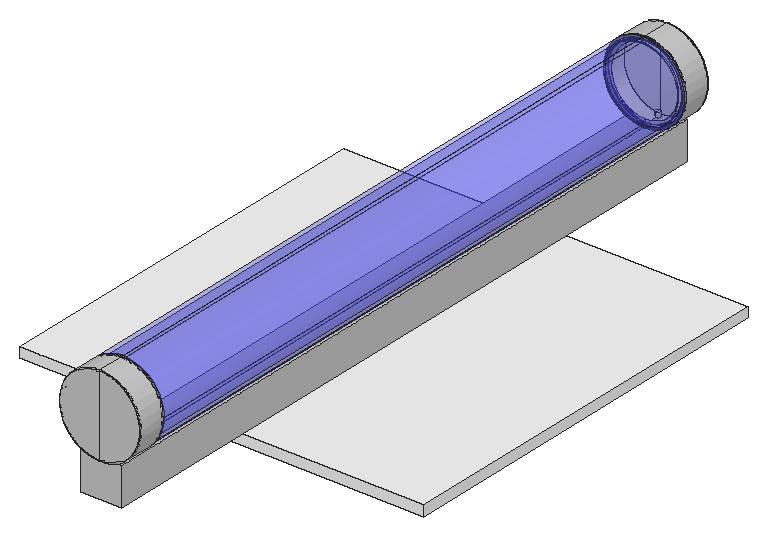
Revit family "BE_24592_de_DE", category Leuchten, Revit 2015
Parameters (values of type "BEGA_24592_Silber_K4")
  built-in parameter 1150104 = 14.01 (stored number, unit not read)
  Wattage = 23.6 W
  Default Elevation = 0 mm
  built-in parameter 1150113 = 1 (stored number, unit not read)
  built-in parameter 1114218 = 1 (stored number, unit not read)
  Umgebungstemperatur = "25 °C"
  URL = "http://www.bega.de/produkt/24592"
  Typenkommentare = "© 2017 BEGA. Wir behalten uns das Recht vor, technische Änderungen ohne vorherige Ankündigung vorzunehmen."  # constant formula
  Type Image = 24592.png
  built-in parameter 1150134 = 12
  built-in parameter 1150109 = 1 (stored number, unit not read)
  Strom = ""
  built-in parameter 1150110 = 1 (stored number, unit not read)
  Spannung = 239.996 V
  Sonderanfertigung = no
  Seriennummer [instance] = "Hier können Sie die eindeutige Seriennummer für das Facility Management eintragen."
  Schutzklasse = "I"
  Schutzart = "IP 65"
  Scheinlast = 0 VA
  Produktdatenblatt = "http://www.bega.de/download/Xrfa/db/24592.db.de.pdf"
  Oberflächentemperatur = ""
  Neigungswinkel = 0.00°
  Modell = "24592AK4"
  Material_18 = BEGA_Gummi_schwarz
  Material_17 = BEGA_Reflektor
  Material_15 = BEGA_Leuchtmedium_matt
  Material_11 = BEGA_Glas_opal
  Material_09 = BEGA_Glas_klar
  Material_06 = BEGA_Oberfläche_Edelstahl_gebürstet
  Material_05 = BEGA_Oberfläche_Aluminium Guss
  Material_03 = BEGA_Oberfläche_Weiss_matt
  Material_02 = BEGA_Oberfläche_Silber_matt
  Material_01 [instance] = BEGA_Oberfläche_Grafit_matt
  M_W = no
  M_G = no
  M_A = yes
  Logo = 0
  built-in parameter 1114217 = 1 (stored number, unit not read)
  built-in parameter 1150139 = (empty or 0)
  built-in parameter 1150105 = 283.21 (stored number, unit not read)
  built-in parameter 1150114 = 1 (stored number, unit not read)
  Lumens = 3558.88 lm
  built-in parameter 1150115 = 1 (stored number, unit not read)
  Leuchtenlichtstrom = "2896 lm"
  Leuchtenanzahl = ""
  Lebensdauerkriterien = "L70B50 @ 25 °C = 225000 h"
  Lastklassifizierung = Beleuchtung
  built-in parameter 1150112 = 1 (stored number, unit not read)
  Lampenlichtstrom = "3560 lm"
  Lampe = "LED 23.6 W"
  LED_Modulbezeichnung = "4x LED-0627/840"
  built-in parameter 1150142 = (empty or 0)
  Hersteller = "BEGA"  # constant formula
  Halbstreuwinkel = ""
  Gewicht = ""
  Gebrauchslageneinschränkung [instance] = ""
  Frequenz = "0/50-60 Hz"
  Farbwiedergabeindex = "Ra > 80"
  Farbtemperaturverschiebung bei Dämpfen der Lampe = <Keine Auswahl>
  Farbtemperatur = "4000 K"
  Color Filter = 16777215
  built-in parameter 1150133 = 10 (stored number, unit not read)
  Energieeffizienzklasse = "LED A++ - A"
  built-in parameter 1150137 = (empty or 0)
  built-in parameter 1150132 = (empty or 0)
  ENEC = ""
  Dimmbar [instance] = "DALI"
  Datei für fotometrisches Netz = "BE_24592K4.IES"
  CE_Konformität = "ja"
  Bestellnummer = "24592AK4"
  Beschreibung_Sonderanfertigung = "Hier können Sie Informationen zur Sonderanfertigung eintragen."
  Beschreibung = "Wandleuchte"
  built-in parameter 1150106 = 2.8321 (stored number, unit not read)
  Befestigungsbohrung = "Ø 6 mm"
  Befestigungsabstand = "400 mm"
  Ballwurfsicher = ""
  BEGA_Intern_aus = yes
  BEGA_Intern_an = yes
  BEGA_Intern_Konstruktion = yes
  BEGA_Intern = yes
  BEGA_IES = yes
  BEGA_Dummy = no
  Anschlussleitung = ""
  Anschlussleistung [instance] = "27.5 W"
  Anschlusskasten = ""
  built-in parameter 1150107 = 4000 (stored number, unit not read)
  built-in parameter 1150102 = (empty or 0)
  built-in parameter 1150138 = (empty or 0)
  Aktualisierung = "2017-06-26T04:08:37"
  Abstand_zur_angestrahlten_Fläche [instance] = ""
  AC/DC = "AC/DC"
Types (4, lengths in mm): name | built-in parameter 1150134 | Modell | M_G | M_A | LED_Modulbezeichnung | Farbtemperatur | Datei für fotometrisches Netz | Bestellnummer | built-in parameter 1150107
  BEGA_24592_Silber_K4 | 12 | "24592AK4" | no | yes | "4x LED-0627/840" | "4000 K" | "BE_24592K4.IES" | "24592AK4" | 4000 (stored number, unit not read)
  BEGA_24592_Grafit_K4 | 12 | "24592K4" | yes | no | "4x LED-0627/840" | "4000 K" | "BE_24592K4.IES" | "24592K4" | 4000 (stored number, unit not read)
  BEGA_24592_Grafit_K3 | (empty or 0) | "24592" | yes | no | "4x LED-0627/830" | "3000 K" | "BE_24592.IES" | "24592" | 3000 (stored number, unit not read)
  BEGA_24592_Silber_K3 | (empty or 0) | "24592A" | no | yes | "4x LED-0627/830" | "3000 K" | "BE_24592.IES" | "24592A" | 3000 (stored number, unit not read)
Reference planes
  plane 1 "Mitte (Vorne/Hinten)": y = 0
  plane 2: z = 0
  plane 3 "Mitte (Links/Rechts)": x = 0
  plane 4 "Links": x = -40.25
  plane 5 "Rechts": x = 40.25
  plane 6 "Unten": y = -351.029
  plane 7 "Oben": y = 350.971
  plane 8 "Vorne": z = 115.538
  plane 9 "Hinten": z = 0
Forms (mm)
  Extrusion 1, solid, material "BEGA_Platte_Weiss"
    sketch origin (0, -1119.2, 0) x (1, 0, 0) y (0, 1, 0)
      loop
        line (-200, 1319.2) -> (-200, 919.2) -> (200, 919.2) -> (200, 1319.2) -> (-200, 1319.2)
    from 0 to -10
  Extrusion 2, solid, material "BEGA_Dummy_matt", visible <- "BEGA_Dummy"
    sketch origin (80.095, -76.023, 0) x (1, 0, 0) y (0, 1, 0)
      loop
        line (-120.345, 426.994) -> (-120.345, -275.006) -> (-39.845, -275.006) -> (-39.845, 426.994) -> (-120.345, 426.994)
    from 0 to 115.538
Dimensions and locks
  plane 1 "Mitte (Vorne/Hinten)" to Extrusion 1 = 200 mm
  aligned and locked: plane 2 to Extrusion 1
  aligned and locked: level to Extrusion 1
Nested families
  nested 1: "BE_24592" at (0, 0, 0) x (0, -1, 0) z (0, 0, 1), type "BE_24592"
Connectors
  electrical at (0, 0, 0), driven by "Lastklassifizierung", driven by "Spannung", driven by "Scheinlast"
    settings: index 1, voltage 239.996 V, apparent load 0 VA, apparent load phase1 0 VA, apparent load phase2 0 VA, apparent load phase3 0 VA, power factor 1, load classification "Beleuchtung", number of poles 1, system type 31, power factor state 1, is connector primary yes, connector utility no, sub classification motor no, connector description ""
Definition of nested family "BE_24592"
  Parameters (values of type "BE_24592")
    Default Elevation = 1 mm
    URL = "http://www.bega.de/de/produkt"
    Type Comments = "© 2015 BEGA. Wir behalten uns das Recht vor, technische Änderungen ohne vorherige Ankündigung vorzunehmen. "  # constant formula
    Type Image = (empty or 0)
    Neigungswinkel_um_Z2 = 0.00°
    Neigungswinkel_um_Z1 = 0.00°
    Neigungswinkel_um_Y2 = 0.00°
    Neigungswinkel_um_Y1 = 0.00°
    Neigungswinkel_um_X2 = 0.00°
    Neigungswinkel_um_X1 = 0.00°
    Material_18 = none
    Material_17 = none
    Material_15 = none
    Material_11 = none
    Material_09 = none
    Material_06 = none
    Material_05 = none
    Material_02 = none
    Material_01 = none
    M_W = yes
    M_G = yes
    M_A = yes
    Länge_Platte = 800 mm  # constant formula
    Höhe_Platte = -10 mm  # constant formula
    Manufacturer = "BEGA"  # constant formula
    Drehwinkel_um_Z2 = 0.00°
    Drehwinkel_um_Z1 = 0.00°
    Breite_Platte = 200 mm  # constant formula
  Reference planes
    plane 1 "Mitte (Oben/Unten)": y = 0
    plane 2: z = 0
    plane 3 "Mitte (Links/Rechts)": x = 0
    plane 4: y = 40.25
    plane 5: y = -40.25
    plane 6: z = 115.538
    plane 7: x = -350.971
    plane 8: x = 351.029
  Forms (mm)
    Extrusion 1, solid, detail levels medium
      sketch origin (0, 0, 0) x (1, 0, 0) y (0, 1, 0)
        loop
          line (-400, 100) -> (-400, -100) -> (400, -100) -> (400, 100) -> (-400, 100)
      from 0 to -10 <- "Höhe_Platte"
    Extrusion 2, solid, material <- "Material_01", visible <- "M_G", detail levels medium+fine
      sketch origin (0, 0, 0) x (0, 1, 0) y (0, 0, 1)
        loop
          line (20, 37.539) -> (18.186, 39.353)
          arc (18.186, 39.353) -> (0, 35.01) -> (-18.186, 39.353) r 40.25
          line (-18.186, 39.353) -> (-20, 37.539) -> (-20, 0) -> (-17.5, 0) -> (-17.5, 32) -> (17.5, 32) -> (17.5, 0) -> (20, 0) -> (20, 37.539)
      from -348.971 to 349.029
    Extrusion 3, void
      sketch origin (0, 0, 0) x (0, 1, 0) y (0, 0, 1)
        loop
          line (5, 25.9) -> (5, 31.6) -> (3, 31.6) -> (3, 40.21) -> (-3, 40.21) -> (-3, 31.6) -> (-5, 31.6) -> (-5, 25.9) -> (5, 25.9)
      from -349.576 to -333.659
    Extrusion 4, solid, material <- "Material_01", visible <- "M_G", detail levels medium+fine
      sketch origin (0, 0, 0) x (0, 1, 0) y (0, 0, 1)
        loop
          line (17.5, 0) -> (17.5, 32) -> (-17.5, 32) -> (-17.5, 0) -> (17.5, 0)
      from -348.971 to -345.971
    Extrusion 5, solid, material <- "Material_01", visible <- "M_G", detail levels medium+fine
      sketch origin (0, 0, 0) x (0, 1, 0) y (0, 0, -1)
        loop
          line (17.5, 0) -> (-17.5, 0) -> (-17.5, -32) -> (17.5, -32) -> (17.5, 0)
      from -349.029 to -346
    Revolve 6, solid, material <- "Material_01", visible <- "M_G", detail levels medium+fine
      sketch origin (0, 0, 0) x (1, 0, 0) y (0, 0, 1)
        loop
          line (350.529, 115.538) -> (323.829, 115.538) -> (325.128, 113.288) -> (347.031, 113.288)
          arc (347.031, 113.288) -> (347.853, 113.112) -> (348.529, 112.614) r 2
          line (348.529, 112.614) -> (348.529, 75.288) -> (351.029, 75.288) -> (351.029, 115.038)
          arc (351.029, 115.038) -> (350.882, 115.392) -> (350.529, 115.538) r 0.5
        axis (323.829, 75.288) -> (351.029, 75.288)
      angle from 0 to 360
    Revolve 7, solid, material <- "Material_18", detail levels medium+fine
      sketch origin (0, 0, 0) x (1, 0, 0) y (0, 0, 1)
        loop
          line (322.033, 115.521) -> (322.033, 113.604) -> (325.273, 113.604) -> (324.166, 115.521) -> (322.033, 115.521)
        axis (322.033, 75.26) -> (325.273, 75.26)
      angle from 0 to 360
    Revolve 8, solid, material <- "Material_18", detail levels medium+fine
      sketch origin (-0.044, 0, 0) x (-1, 0, 0) y (0, 0, -1)
        loop
          line (323.756, -115.488) -> (324.863, -113.57) -> (321.956, -113.57) -> (321.956, -115.488) -> (323.756, -115.488)
        axis (321.956, -75.26) -> (324.863, -75.26)
      angle from 0 to 360
    Revolve 9, solid, material <- "Material_01", visible <- "M_G", detail levels medium+fine
      sketch origin (0, 0, 0) x (-1, 0, 0) y (0, 0, -1)
        loop
          arc (350.471, -115.538) -> (350.825, -115.392) -> (350.971, -115.038) r 0.5
          line (350.971, -115.038) -> (350.971, -75.288) -> (342.971, -75.288) -> (342.971, -112.621) -> (325.07, -112.621) -> (323.771, -115.538) -> (350.471, -115.538)
        axis (323.771, -75.288) -> (350.971, -75.288)
      angle from 0 to 360
    Extrusion 10, void
      sketch origin (3.871, 0, 0) x (1, 0, 0) y (0, 1, 0)
        loop
          arc (-254, -3) -> (-251, 0) -> (-254, 3) r 3
          line (-254, 3) -> (-263.39, 3)
          arc (-263.39, 3) -> (-273.5, 0) -> (-263.39, -3) r 5.5
          line (-263.39, -3) -> (-254, -3)
        loop
          arc (146, -3) -> (149, 0) -> (146, 3) r 3
          line (146, 3) -> (136.61, 3)
          arc (136.61, 3) -> (126.5, 0) -> (136.61, -3) r 5.5
          line (136.61, -3) -> (146, -3)
      from 0 to 6.51
    Extrusion 11, solid, material <- "Material_01", visible <- "M_G", detail levels medium+fine
      sketch origin (5.029, 0, 0) x (1, 0, 0) y (0, 0, 1)
        loop
          line (-279, 3) -> (-279, 0) -> (-245, 0) -> (-245, 3) -> (-279, 3)
        loop
          line (121, 3) -> (121, 0) -> (155, 0) -> (155, 3) -> (121, 3)
      from -17.994 to 18.5
    Revolve 12, solid, material <- "Material_06", detail levels fine
      sketch origin (0, 0, 0) x (1, 0, 0) y (0, 0, 1)
        loop
          line (-341.221, 42.072) -> (-341.221, 32.022) -> (-342.721, 32.022)
          arc (-342.721, 32.022) -> (-343.075, 31.876) -> (-343.221, 31.522) r 0.5
          line (-343.221, 31.522) -> (-343.221, 29.022)
          arc (-343.221, 29.022) -> (-343.075, 28.669) -> (-342.721, 28.522) r 0.5
          line (-342.721, 28.522) -> (-338.971, 28.522) -> (-338.971, 42.072) -> (-341.221, 42.072)
        axis (-338.971, 28.522) -> (-338.971, 42.072)
      angle from 0 to 360
    Revolve 13, solid, material <- "Material_11", detail levels medium+fine
      sketch origin (0, 0, 0) x (1, 0, 0) y (0, 0, 1)
        loop
          line (322, 115.288) -> (-322, 115.288) -> (-322, 113.288)
          arc (-322, 113.288) -> (-322.469, 112.096) -> (-323.625, 111.542) r 1.75
          line (-323.625, 111.542) -> (-323.625, 108.54)
          arc (-323.625, 108.54) -> (-321, 109.415) -> (-319.308, 111.604) r 4.75
          arc (-319.308, 111.604) -> (-318.944, 112.099) -> (-318.36, 112.288) r 1
          line (-318.36, 112.288) -> (318.345, 112.288)
          arc (318.345, 112.288) -> (318.916, 112.109) -> (319.283, 111.636) r 1
          arc (319.283, 111.636) -> (320.973, 109.425) -> (323.611, 108.54) r 4.75
          line (323.611, 108.54) -> (323.611, 111.542)
          arc (323.611, 111.542) -> (322.532, 112.018) -> (322, 113.071) r 1.75
          line (322, 113.071) -> (322, 115.288)
        axis (-323.625, 75.26) -> (323.611, 75.26)
      angle from 0 to 360
    Revolve 14, solid, material <- "Material_06", detail levels fine
      sketch origin (0, 0, 0) x (1, 0, 0) y (0, 0, 1)
        loop
          line (-351.221, 84.038) -> (-351.221, 75.288) -> (-347.936, 75.288) -> (-347.936, 85.038) -> (-350.221, 85.038) -> (-351.221, 84.038)
        axis (-347.936, 75.288) -> (-351.221, 75.288)
      angle from 0 to 360
    Extrusion 15, solid, material <- "Material_02", visible <- "M_A", detail levels medium+fine
      sketch origin (0, 0, 0) x (0, 1, 0) y (0, 0, 1)
        loop
          line (20, 37.539) -> (18.186, 39.353)
          arc (18.186, 39.353) -> (0, 35.01) -> (-18.186, 39.353) r 40.25
          line (-18.186, 39.353) -> (-20, 37.539) -> (-20, 0) -> (-17.5, 0) -> (-17.5, 32) -> (17.5, 32) -> (17.5, 0) -> (20, 0) -> (20, 37.539)
      from -348.971 to 349.029
    Extrusion 16, solid, material <- "Material_02", visible <- "M_A", detail levels medium+fine
      sketch origin (0, 0, 0) x (0, 1, 0) y (0, 0, 1)
        loop
          line (17.5, 0) -> (17.5, 32) -> (-17.5, 32) -> (-17.5, 0) -> (17.5, 0)
      from -348.971 to -345.971
    Extrusion 17, solid, material <- "Material_02", visible <- "M_A", detail levels medium+fine
      sketch origin (0, 0, 0) x (0, 1, 0) y (0, 0, -1)
        loop
          line (17.5, 0) -> (-17.5, 0) -> (-17.5, -32) -> (17.5, -32) -> (17.5, 0)
      from -349.029 to -346
    Revolve 18, solid, material <- "Material_02", visible <- "M_A", detail levels medium+fine
      sketch origin (0, 0, 0) x (1, 0, 0) y (0, 0, 1)
        loop
          line (350.529, 115.538) -> (323.829, 115.538) -> (325.128, 113.288) -> (347.031, 113.288)
          arc (347.031, 113.288) -> (347.853, 113.112) -> (348.529, 112.614) r 2
          line (348.529, 112.614) -> (348.529, 75.288) -> (351.029, 75.288) -> (351.029, 115.038)
          arc (351.029, 115.038) -> (350.882, 115.392) -> (350.529, 115.538) r 0.5
        axis (323.829, 75.288) -> (351.029, 75.288)
      angle from 0 to 360
    Revolve 19, solid, material <- "Material_02", visible <- "M_A", detail levels medium+fine
      sketch origin (0, 0, 0) x (-1, 0, 0) y (0, 0, -1)
        loop
          arc (350.471, -115.538) -> (350.825, -115.392) -> (350.971, -115.038) r 0.5
          line (350.971, -115.038) -> (350.971, -75.288) -> (342.971, -75.288) -> (342.971, -112.621) -> (325.07, -112.621) -> (323.771, -115.538) -> (350.471, -115.538)
        axis (323.771, -75.288) -> (350.971, -75.288)
      angle from 0 to 360
    Extrusion 20, solid, material <- "Material_02", visible <- "M_A", detail levels medium+fine
      sketch origin (75.029, 0, 0) x (1, 0, 0) y (0, 0, 1)
        loop
          line (-349, 3) -> (-349, 0) -> (-315, 0) -> (-315, 3) -> (-349, 3)
        loop
          line (51, 3) -> (51, 0) -> (85, 0) -> (85, 3) -> (51, 3)
      from -17.994 to 18.5
    Revolve 21, void
      sketch origin (0, 0, 0) x (1, 0, 0) y (0, 0, 1)
        loop
          line (-351.925, 85.288) -> (-351.925, 75.288) -> (-347.936, 75.288) -> (-347.936, 85.288) -> (-351.925, 85.288)
        axis (-351.925, 75.288) -> (-347.936, 75.288)
      angle from 0 to 360
  Cuts and joins
    Extrusion 3, Extrusion 10 cuts Extrusion 2
    Extrusion 3, Extrusion 10 cuts Extrusion 4
    Extrusion 10 cuts Extrusion 5
    Extrusion 10 cuts Extrusion 11
    joined: Extrusion 2, Extrusion 4, Extrusion 5, Extrusion 11
    Revolve 21 cuts Revolve 9
    Revolve 21 cuts Revolve 19
    Extrusion 3 cuts Extrusion 15
    Extrusion 3 cuts Extrusion 16
    Extrusion 3 cuts Extrusion 17
    Extrusion 3, Extrusion 10 cuts Extrusion 20
    joined: Extrusion 15, Extrusion 16, Extrusion 17, Extrusion 20
  Dimensions and locks
    equal spacing: Extrusion 1 sketch curve, plane 3 "Mitte (Links/Rechts)", Extrusion 1 sketch curve
    equal spacing: Extrusion 1 sketch curve, plane 1 "Mitte (Oben/Unten)", Extrusion 1 sketch curve
    "Länge_Platte": Extrusion 1 sketch curve to Extrusion 1 sketch curve
    "Breite_Platte": Extrusion 1 sketch curve to Extrusion 1 sketch curve
    aligned and locked: Extrusion 1 to plane 2
    aligned and locked: level to Extrusion 1
  Automatic sketch dimensions
    Extrusion 2 sketch curve to level = 0 mm  (x2)
    Extrusion 2 sketch curve to plane 1 "Mitte (Oben/Unten)" = 0 mm
    plane 1 "Mitte (Oben/Unten)" to Extrusion 2 sketch curve = 17.5 mm
    Extrusion 2 sketch curve to Extrusion 2 sketch curve = 0.686 mm  (x2)
    Extrusion 2 sketch curve to Extrusion 2 sketch curve = 1.814 mm  (x2)
    Extrusion 2 sketch curve to plane 1 "Mitte (Oben/Unten)" = 17.5 mm
    Extrusion 2 sketch curve to Extrusion 2 sketch curve = 2.5 mm
    Extrusion 2 sketch curve to Extrusion 2 sketch curve = 32 mm
    Extrusion 2 sketch curve to Extrusion 2 sketch curve = 5.539 mm  (x2)
    Extrusion 2 sketch curve to Extrusion 2 sketch curve = 35.907 mm
    plane 1 "Mitte (Oben/Unten)" to Extrusion 3 sketch curve = 5 mm
    Extrusion 3 sketch curve to Extrusion 3 sketch curve = 2 mm  (x2)
    Extrusion 3 sketch curve to plane 1 "Mitte (Oben/Unten)" = 3 mm
    level to Extrusion 3 sketch curve = 25.9 mm
    Extrusion 3 sketch curve to Extrusion 3 sketch curve = 5.7 mm
    Extrusion 3 sketch curve to Extrusion 3 sketch curve = 0 mm
    Extrusion 3 sketch curve to Extrusion 3 sketch curve = 8.61 mm
    Extrusion 4 sketch curve to level = 0 mm
    plane 1 "Mitte (Oben/Unten)" to Extrusion 4 sketch curve = 17.5 mm
    Extrusion 4 sketch curve to plane 1 "Mitte (Oben/Unten)" = 17.5 mm
    Extrusion 4 sketch curve to Extrusion 4 sketch curve = 32 mm
    Extrusion 5 sketch curve to level = 0 mm
    plane 1 "Mitte (Oben/Unten)" to Extrusion 5 sketch curve = 17.5 mm
    Extrusion 5 sketch curve to plane 1 "Mitte (Oben/Unten)" = 17.5 mm
    level to Extrusion 5 sketch curve = 32 mm
    Revolve 6 sketch curve to Revolve 6 sketch curve = 1.299 mm
    Revolve 6 sketch curve to Revolve 6 sketch curve = 21.903 mm
    Revolve 6 sketch curve to Revolve 6 sketch curve = 1.498 mm
    Revolve 6 sketch curve to Revolve 6 sketch curve = 2 mm
    Revolve 6 sketch curve to Revolve 6 sketch curve = 2.5 mm
    level to Revolve 6 sketch curve = 75.288 mm
    Revolve 6 sketch curve to Revolve 6 sketch curve = 36 mm
    Revolve 6 sketch curve to Revolve 6 sketch curve = 1.326 mm
    Revolve 6 sketch curve to Revolve 6 sketch curve = 2.424 mm
    Revolve 6 sketch curve to Revolve 6 sketch curve = 0 mm  (x3)
    Extrusion 11 sketch curve to level = 0 mm  (x2)
    Extrusion 11 sketch curve to Extrusion 11 sketch curve = 34 mm  (x2)
    level to Extrusion 11 sketch curve = 3 mm  (x2)
    plane 3 "Mitte (Links/Rechts)" to Extrusion 11 sketch curve = 126.029 mm
    Revolve 12 sketch curve to Revolve 12 sketch curve = 0.5 mm  (x2)
    Revolve 12 sketch curve to Revolve 12 sketch curve = 1.5 mm
    Revolve 12 sketch curve to Revolve 12 sketch curve = 2.25 mm
    level to Revolve 12 sketch curve = 28.522 mm
    Revolve 12 sketch curve to Revolve 12 sketch curve = 2.5 mm
    Revolve 12 sketch curve to Revolve 12 sketch curve = 10.05 mm
    Revolve 12 sketch curve to Revolve 12 sketch curve = 0 mm  (x2)
    Revolve 12 sketch curve to Revolve 12 sketch curve = 0.3 mm
    Revolve 13 sketch curve to Revolve 13 sketch curve = 0 mm  (x8)
    Revolve 13 sketch curve to Revolve 13 sketch curve = 0.125 mm  (x2)
    Revolve 13 sketch curve to Revolve 13 sketch curve = 1.75 mm
    Revolve 13 sketch curve to Revolve 13 sketch curve = 3.64 mm
    Revolve 13 sketch curve to Revolve 13 sketch curve = 3.655 mm
    Revolve 13 sketch curve to Revolve 13 sketch curve = 1.611 mm
    Revolve 13 sketch curve to Revolve 13 sketch curve = 2.748 mm  (x2)
    Revolve 13 sketch curve to Revolve 13 sketch curve = 3.003 mm  (x2)
    Revolve 13 sketch curve to Revolve 13 sketch curve = 1 mm
    Revolve 13 sketch curve to Revolve 13 sketch curve = 1.528 mm
    Revolve 13 sketch curve to Revolve 13 sketch curve = 1.746 mm
    Revolve 13 sketch curve to Revolve 13 sketch curve = 2 mm
    Revolve 13 sketch curve to Revolve 13 sketch curve = 0.938 mm
    Revolve 13 sketch curve to Revolve 13 sketch curve = 72.611 mm
    Revolve 13 sketch curve to Revolve 13 sketch curve = 16.142 mm
    Revolve 13 sketch curve to Revolve 13 sketch curve = 33.28 mm
    Revolve 9 sketch curve to Revolve 9 sketch curve = 1.299 mm
    Revolve 9 sketch curve to Revolve 9 sketch curve = 17.901 mm
    Revolve 9 sketch curve to Revolve 9 sketch curve = 8 mm
    Revolve 9 sketch curve to Revolve 9 sketch curve = 2.917 mm
    Revolve 9 sketch curve to Revolve 9 sketch curve = 2.5 mm
    Revolve 9 sketch curve to Revolve 9 sketch curve = 0 mm  (x2)
    Revolve 9 sketch curve to Revolve 9 sketch curve = 0.5 mm
    Revolve 9 sketch curve to Revolve 9 sketch curve = 37.333 mm
    Revolve 9 sketch curve to plane 3 "Mitte (Links/Rechts)" = 323.771 mm
    Extrusion 11 sketch curve to plane 3 "Mitte (Links/Rechts)" = 239.971 mm
    Revolve 12 sketch curve to plane 3 "Mitte (Links/Rechts)" = 343.221 mm
    Revolve 13 sketch curve to plane 3 "Mitte (Links/Rechts)" = 318.36 mm
    plane 3 "Mitte (Links/Rechts)" to Revolve 6 sketch curve = 323.829 mm
    plane 3 "Mitte (Links/Rechts)" to Revolve 13 sketch curve = 318.345 mm
    Revolve 13 sketch curve to Revolve 13 sketch curve = 3.748 mm
    Extrusion 15 sketch curve to level = 0 mm  (x2)
    Extrusion 15 sketch curve to plane 1 "Mitte (Oben/Unten)" = 0 mm
    plane 1 "Mitte (Oben/Unten)" to Extrusion 15 sketch curve = 17.5 mm
    Extrusion 15 sketch curve to Extrusion 15 sketch curve = 0.686 mm  (x2)
    Extrusion 15 sketch curve to Extrusion 15 sketch curve = 1.814 mm  (x2)
    Extrusion 15 sketch curve to plane 1 "Mitte (Oben/Unten)" = 17.5 mm
    Extrusion 15 sketch curve to Extrusion 15 sketch curve = 2.5 mm
    Extrusion 15 sketch curve to Extrusion 15 sketch curve = 32 mm
    Extrusion 15 sketch curve to Extrusion 15 sketch curve = 5.539 mm  (x2)
    Extrusion 15 sketch curve to Extrusion 15 sketch curve = 35.907 mm
    Extrusion 16 sketch curve to level = 0 mm
    plane 1 "Mitte (Oben/Unten)" to Extrusion 16 sketch curve = 17.5 mm
    Extrusion 16 sketch curve to plane 1 "Mitte (Oben/Unten)" = 17.5 mm
    Extrusion 16 sketch curve to Extrusion 16 sketch curve = 32 mm
    Extrusion 17 sketch curve to level = 0 mm
    plane 1 "Mitte (Oben/Unten)" to Extrusion 17 sketch curve = 17.5 mm
    Extrusion 17 sketch curve to plane 1 "Mitte (Oben/Unten)" = 17.5 mm
    level to Extrusion 17 sketch curve = 32 mm
    Revolve 18 sketch curve to Revolve 18 sketch curve = 1.498 mm
    Revolve 18 sketch curve to Revolve 18 sketch curve = 21.903 mm
    Revolve 18 sketch curve to Revolve 18 sketch curve = 1.299 mm
    Revolve 18 sketch curve to Revolve 18 sketch curve = 0.674 mm
    Revolve 18 sketch curve to Revolve 18 sketch curve = 36 mm
    Revolve 18 sketch curve to Revolve 18 sketch curve = 0 mm  (x3)
    Revolve 19 sketch curve to Revolve 19 sketch curve = 17.901 mm
    Revolve 19 sketch curve to Revolve 19 sketch curve = 1.299 mm
    Revolve 19 sketch curve to Revolve 19 sketch curve = 37.333 mm
    Revolve 19 sketch curve to Revolve 19 sketch curve = 0 mm  (x2)
    Extrusion 20 sketch curve to level = 0 mm  (x2)
    Extrusion 20 sketch curve to Extrusion 20 sketch curve = 34 mm  (x2)
    level to Extrusion 20 sketch curve = 3 mm
    plane 3 "Mitte (Links/Rechts)" to Extrusion 20 sketch curve = 126.029 mm
    Extrusion 20 sketch curve to Extrusion 20 sketch curve = 3 mm
    Revolve 8 sketch curve to Revolve 8 sketch curve = 1.8 mm
    Revolve 8 sketch curve to Revolve 8 sketch curve = 1.107 mm
    Revolve 8 sketch curve to Revolve 8 sketch curve = 38.31 mm
    Revolve 7 sketch curve to Revolve 7 sketch curve = 2.133 mm
    Revolve 7 sketch curve to Revolve 7 sketch curve = 1.107 mm
    Revolve 7 sketch curve to Revolve 7 sketch curve = 1.918 mm
    plane 1 "Mitte (Oben/Unten)" to Extrusion 10 sketch curve = 0 mm  (x4)
    Extrusion 10 sketch curve to Extrusion 10 sketch curve = 4.61 mm  (x2)
    plane 1 "Mitte (Oben/Unten)" to Extrusion 10 sketch curve = 3 mm  (x2)
    Extrusion 10 sketch curve to Extrusion 10 sketch curve = 9.39 mm  (x2)
    plane 3 "Mitte (Links/Rechts)" to Extrusion 10 sketch curve = 135.871 mm
    Revolve 8 sketch curve to plane 3 "Mitte (Links/Rechts)" = 322 mm
    Revolve 8 sketch curve to Revolve 8 sketch curve = 62.332 mm
    Revolve 8 sketch curve to Revolve 8 sketch curve = 8.624 mm
    Extrusion 10 sketch curve to plane 3 "Mitte (Links/Rechts)" = 250.129 mm
    Revolve 19 sketch curve to plane 3 "Mitte (Links/Rechts)" = 323.771 mm
    Revolve 19 sketch curve to Revolve 19 sketch curve = 7.5 mm
    Revolve 19 sketch curve to Revolve 19 sketch curve = 2.5 mm
    Extrusion 20 sketch curve to plane 3 "Mitte (Links/Rechts)" = 239.971 mm
    plane 3 "Mitte (Links/Rechts)" to Revolve 7 sketch curve = 322.033 mm
    Revolve 7 sketch curve to Revolve 7 sketch curve = 62.409 mm
    Revolve 7 sketch curve to Revolve 7 sketch curve = 8.624 mm
    plane 3 "Mitte (Links/Rechts)" to Revolve 18 sketch curve = 323.829 mm
    Revolve 18 sketch curve to Revolve 18 sketch curve = 2 mm
    level to Revolve 7 sketch curve = 113.604 mm
    Revolve 7 sketch curve to Revolve 7 sketch curve = 38.344 mm
    level to Revolve 8 sketch curve = 115.488 mm
    Revolve 8 sketch curve to Revolve 8 sketch curve = 1.918 mm
    level to Revolve 9 sketch curve = 115.538 mm
    level to Revolve 13 sketch curve = 108.54 mm
    level to Revolve 18 sketch curve = 75.288 mm
    Revolve 18 sketch curve to Revolve 18 sketch curve = 2.424 mm
    Revolve 19 sketch curve to Revolve 19 sketch curve = 0.5 mm
    level to Revolve 19 sketch curve = 115.538 mm
    Revolve 19 sketch curve to Revolve 19 sketch curve = 2.917 mm
    Revolve 18 sketch curve to plane 6 = 0 mm
    Revolve 21 sketch curve to plane 6 = 40.25 mm
    Revolve 21 sketch curve to plane 3 "Mitte (Links/Rechts)" = 351.925 mm
    Revolve 21 sketch curve to Revolve 21 sketch curve = 3.99 mm
    Revolve 21 sketch curve to Revolve 21 sketch curve = 10 mm
    Revolve 14 sketch curve to plane 6 = 40.25 mm
    Revolve 14 sketch curve to plane 3 "Mitte (Links/Rechts)" = 351.221 mm
    Revolve 14 sketch curve to plane 6 = 30.5 mm
    Revolve 14 sketch curve to Revolve 14 sketch curve = 1 mm  (x2)
    Revolve 14 sketch curve to Revolve 14 sketch curve = 3.285 mm
    Revolve 14 sketch curve to Revolve 14 sketch curve = 0.285 mm
    Revolve 14 sketch curve to Revolve 14 sketch curve = 0 mm  (x2)
